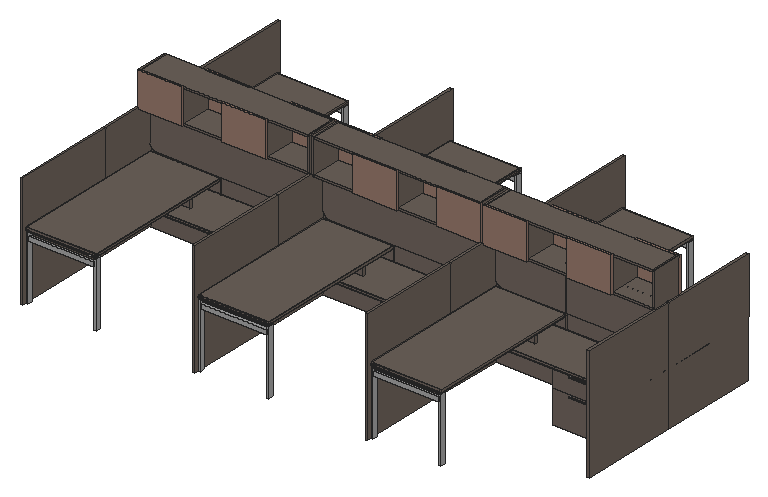
Revit family "T200204", category Furniture, Revit 2018
Family settings
  OmniClass Number = 23.40.20.00
  OmniClass Title = General Furniture and Specialties
  Work Plane-Based = No
  Always vertical = Yes
  Cut with Voids When Loaded = No
  Shared = No
  Room Calculation Point = No
Reference planes (in)
  plane 1 "Center Front/Back": y = 0
  plane 2: z = 0
  plane 3 "Center Left/Right": x = 0
Dimensions and locks (in)
  aligned and locked: level to plane 2
Nested families (in)
  nested 1: "STAKS SPINE OR DIVIDER WALL 48in" at (-97.47357, 0.33365, 0), type "STAKS SPINE OR DIVIDER WALL 48in X 30in"
    with Height Above Floor 4' - 0"
  nested 2: "STAKS SPINE OR DIVIDER WALL 48in" at (-67.47357, 0.33365, 0), type "STAKS SPINE OR DIVIDER WALL 48in X 42in"
    with Height Above Floor 4' - 0"
  nested 3: "STAKS SPINE OR DIVIDER WALL 48in" at (-88.08493, 5.55498, 0) x (0, -1, 0) z (0, 0, 1), type "STAKS SPINE OR DIVIDER WALL 48in X 24in"
    with Height Above Floor 4' - 0"
  nested 4: "STAKS SPINE OR DIVIDER WALL 48in" at (-88.08493, -9.55498, 0) x (0, 1, 0) z (0, 0, 1), type "STAKS SPINE OR DIVIDER WALL 48in X 24in"
    with Height Above Floor 4' - 0"
  nested 5: "STAKS SPINE OR DIVIDER WALL 48in" at (-24.47357, 0.33365, 0), type "STAKS SPINE OR DIVIDER WALL 48in X 30in"
    with Height Above Floor 4' - 0"
  nested 6: "STAKS SPINE OR DIVIDER WALL 48in" at (5.52643, 0.33365, 0), type "STAKS SPINE OR DIVIDER WALL 48in X 42in"
    with Height Above Floor 4' - 0"
  nested 7: "STAKS SPINE OR DIVIDER WALL 48in" at (-15.08493, 5.55498, 0) x (0, -1, 0) z (0, 0, 1), type "STAKS SPINE OR DIVIDER WALL 48in X 24in"
    with Height Above Floor 4' - 0"
  nested 8: "STAKS SPINE OR DIVIDER WALL 48in" at (-15.08493, -9.55498, 0) x (0, 1, 0) z (0, 0, 1), type "STAKS SPINE OR DIVIDER WALL 48in X 24in"
    with Height Above Floor 4' - 0"
  nested 9: "STAKS SPINE OR DIVIDER WALL 48in" at (48.52643, 0.33365, 0), type "STAKS SPINE OR DIVIDER WALL 48in X 30in"
    with Height Above Floor 4' - 0"
  nested 10: "STAKS SPINE OR DIVIDER WALL 48in" at (78.52643, 0.33365, 0), type "STAKS SPINE OR DIVIDER WALL 48in X 42in"
    with Height Above Floor 4' - 0"
  nested 11: "STAKS SPINE OR DIVIDER WALL 48in" at (57.91507, 5.55498, 0) x (0, -1, 0) z (0, 0, 1), type "STAKS SPINE OR DIVIDER WALL 48in X 24in"
    with Height Above Floor 4' - 0"
  nested 12: "STAKS SPINE OR DIVIDER WALL 48in" at (57.91507, -9.55498, 0) x (0, 1, 0) z (0, 0, 1), type "STAKS SPINE OR DIVIDER WALL 48in X 24in"
    with Height Above Floor 4' - 0"
  nested 13: "STAKS SPINE OR DIVIDER WALL 48in" at (126.24776, -9.55498, 0) x (0, 1, 0) z (0, 0, 1), type "STAKS SPINE OR DIVIDER WALL 48in X 42in"
    with Height Above Floor 4' - 0"
  nested 14: "STAKS SPINE OR DIVIDER WALL 48in" at (126.24776, 5.55498, 0) x (0, -1, 0) z (0, 0, 1), type "STAKS SPINE OR DIVIDER WALL 48in X 42in"
    with Height Above Floor 4' - 0"
  nested 15: "STAKS RECTANGULAR WORKSURFACES Long Grain" at (-97.47357, -0.66635, -6), type "STAKS RECTANGULAR WORKSURFACE 72 x 22"
    with Height Above Floor 2' - 5"
  nested 16: "STAKS RECTANGULAR WORKSURFACES Long Grain" at (-24.47357, -0.66635, -6), type "STAKS RECTANGULAR WORKSURFACE 72 x 22"
    with Height Above Floor 2' - 5"
  nested 17: "STAKS RECTANGULAR WORKSURFACES Long Grain" at (48.52643, -0.66635, -6), type "STAKS RECTANGULAR WORKSURFACE 72 x 22"
    with Height Above Floor 2' - 5"
  nested 18: "STAKS RECTANGULAR WORKSURFACES Worksurface Height" at (-91.75224, -76.05498, 0) x (0, 1, 0) z (0, 0, 1), type "STAKS RECTANGULAR WORKSURFACE 66 x 30"
    with Height Above Floor 2' - 5"
  nested 19: "STAKS SPINE OR DIVIDER WALL 48in" at (-88.08493, -18.44502, 0) x (0, -1, 0) z (0, 0, 1), type "STAKS SPINE OR DIVIDER WALL 48in X 44in"
    with Height Above Floor 4' - 0"
  nested 20: "STAKS SPINE OR DIVIDER WALL 48in" at (-88.08493, 73.55498, 0) x (0, -1, 0) z (0, 0, 1), type "STAKS SPINE OR DIVIDER WALL 48in X 44in"
    with Height Above Floor 4' - 0"
  nested 21: "STAKS SPINE OR DIVIDER WALL 48in" at (-15.08493, -18.44502, 0) x (0, -1, 0) z (0, 0, 1), type "STAKS SPINE OR DIVIDER WALL 48in X 44in"
    with Height Above Floor 4' - 0"
  nested 22: "STAKS SPINE OR DIVIDER WALL 48in" at (-15.08493, 73.55498, 0) x (0, -1, 0) z (0, 0, 1), type "STAKS SPINE OR DIVIDER WALL 48in X 44in"
    with Height Above Floor 4' - 0"
  nested 23: "STAKS SPINE OR DIVIDER WALL 48in" at (57.91507, -18.44502, 0) x (0, -1, 0) z (0, 0, 1), type "STAKS SPINE OR DIVIDER WALL 48in X 44in"
    with Height Above Floor 4' - 0"
  nested 24: "STAKS SPINE OR DIVIDER WALL 48in" at (57.91507, 73.55498, 0) x (0, -1, 0) z (0, 0, 1), type "STAKS SPINE OR DIVIDER WALL 48in X 44in"
    with Height Above Floor 4' - 0"
  nested 25: "STAKS 15H SHARED ORGANIZER Two Openings Alternated" at (-80.97357, 6.47122, 0), type "STAKS 15H SHARED ORGANIZER Two Openings Alternated 72in W"
    with Height Above Floor 5' - 2 1/2"
  nested 26: "STAKS 15H SHARED ORGANIZER Two Openings Alternated" at (46.1364, 6.47122, 0) x (-1, 0, 0) z (0, 0, 1), type "STAKS 15H SHARED ORGANIZER Two Openings Alternated 72in W"
    with Height Above Floor 5' - 2 1/2"
  nested 27: "STAKS 15H SHARED ORGANIZER Two Openings Alternated" at (65.02643, 6.47122, 0), type "STAKS 15H SHARED ORGANIZER Two Openings Alternated 72in W"
    with Height Above Floor 5' - 2 1/2"
  nested 28: "STAKS RECTANGULAR WORKSURFACES Worksurface Height" at (-18.75224, -76.05498, 0) x (0, 1, 0) z (0, 0, 1), type "STAKS RECTANGULAR WORKSURFACE 66 x 30"
    with Height Above Floor 2' - 5"
  nested 29: "STAKS RECTANGULAR WORKSURFACES Worksurface Height" at (54.24776, -76.05498, 0) x (0, 1, 0) z (0, 0, 1), type "STAKS RECTANGULAR WORKSURFACE 66 x 30"
    with Height Above Floor 2' - 5"
  nested 30: "STAKS RECTANGULAR WORKSURFACES Long Grain" at (-97.47357, -3.33365, -6), type "STAKS RECTANGULAR WORKSURFACE 72 x 22"
    with Height Above Floor 2' - 5"
  nested 31: "STAKS RECTANGULAR WORKSURFACES Long Grain" at (-24.47357, -3.33365, -6), type "STAKS RECTANGULAR WORKSURFACE 72 x 22"
    with Height Above Floor 2' - 5"
  nested 32: "STAKS RECTANGULAR WORKSURFACES Long Grain" at (48.52643, -3.33365, -6), type "STAKS RECTANGULAR WORKSURFACE 72 x 22"
    with Height Above Floor 2' - 5"
  nested 33: "STAKS RECTANGULAR WORKSURFACES Worksurface Height" at (-91.75224, 72.05498, 0) x (0, -1, 0) z (0, 0, 1), type "STAKS RECTANGULAR WORKSURFACE 66 x 30"
    with Height Above Floor 2' - 5"
  nested 34: "STAKS RECTANGULAR WORKSURFACES Worksurface Height" at (-18.75224, 72.05498, 0) x (0, -1, 0) z (0, 0, 1), type "STAKS RECTANGULAR WORKSURFACE 66 x 30"
    with Height Above Floor 2' - 5"
  nested 35: "STAKS RECTANGULAR WORKSURFACES Worksurface Height" at (54.24776, 72.05498, 0) x (0, -1, 0) z (0, 0, 1), type "STAKS RECTANGULAR WORKSURFACE 66 x 30"
    with Height Above Floor 2' - 5"
  nested 36: "STAKS FABRIC TACKBOARD WITH ROUNDED CORNERS FOR SPINE OR DIVIDER WALL" at (-97.47357, -0.66635, 0), type "STAKS FABRIC TACKBOARD WITH ROUNDED CORNERS FOR SPINE OR DIVIDER WALL 18H x 49-73.9375W"
    with Height Above Floor 3' - 11 1/2", Width 6' - 0"
  nested 37: "STAKS LOW HEIGHT PEDESTAL WIDE - BOX-FILE - NO RISER SUPPORT" at (-53.97711, -22.50035, 0), type "STAKS LOW HEIGHT PEDESTAL WIDE - BOX-FILE - NO RISER SUPPORT 30in W x 22in D"
  nested 38: "STAKS RISER SUPPORT PANELS P _ T SHAPED" at (-63.5533, -28.34584, 0) x (0, -1, 0) z (0, 0, 1), type "STAKS RISER SUPPORT PANEL T SHAPE 26 X 9.5"
  nested 39: "STAKS SUPPORT H LEG" at (-77.54324, -51, 0) x (0, 1, 0) z (0, 0, 1), type "STAKS SUPPORT H LEG 30"
  nested 40: "STAKS FABRIC TACKBOARD WITH ROUNDED CORNERS FOR SPINE OR DIVIDER WALL" at (-24.47357, -0.66635, 0), type "STAKS FABRIC TACKBOARD WITH ROUNDED CORNERS FOR SPINE OR DIVIDER WALL 18H x 49-73.9375W"
    with Height Above Floor 3' - 11 1/2", Width 6' - 0"
  nested 41: "STAKS LOW HEIGHT PEDESTAL WIDE - BOX-FILE - NO RISER SUPPORT" at (19.02289, -22.50035, 0), type "STAKS LOW HEIGHT PEDESTAL WIDE - BOX-FILE - NO RISER SUPPORT 30in W x 22in D"
  nested 42: "STAKS RISER SUPPORT PANELS P _ T SHAPED" at (9.4467, -28.34584, 0) x (0, -1, 0) z (0, 0, 1), type "STAKS RISER SUPPORT PANEL T SHAPE 26 X 9.5"
  nested 43: "STAKS SUPPORT H LEG" at (-4.54324, -51, 0) x (0, 1, 0) z (0, 0, 1), type "STAKS SUPPORT H LEG 30"
  nested 44: "STAKS FABRIC TACKBOARD WITH ROUNDED CORNERS FOR SPINE OR DIVIDER WALL" at (48.40143, -0.66635, 0), type "STAKS FABRIC TACKBOARD WITH ROUNDED CORNERS FOR SPINE OR DIVIDER WALL 18H x 49-73.9375W"
    with Height Above Floor 3' - 11 1/2", Width 6' - 0"
  nested 45: "STAKS LOW HEIGHT PEDESTAL WIDE - BOX-FILE - NO RISER SUPPORT" at (91.89789, -22.50035, 0), type "STAKS LOW HEIGHT PEDESTAL WIDE - BOX-FILE - NO RISER SUPPORT 30in W x 22in D"
  nested 46: "STAKS RISER SUPPORT PANELS P _ T SHAPED" at (82.3217, -28.34584, 0) x (0, -1, 0) z (0, 0, 1), type "STAKS RISER SUPPORT PANEL T SHAPE 26 X 9.5"
  nested 47: "STAKS SUPPORT H LEG" at (68.33176, -51, 0) x (0, 1, 0) z (0, 0, 1), type "STAKS SUPPORT H LEG 30"
  nested 48: "STAKS FABRIC TACKBOARD WITH ROUNDED CORNERS FOR SPINE OR DIVIDER WALL" at (-97.47357, -3.33365, 0), type "STAKS FABRIC TACKBOARD WITH ROUNDED CORNERS FOR SPINE OR DIVIDER WALL 18H x 49-73.9375W"
    with Height Above Floor 3' - 11 1/2", Width 6' - 0"
  nested 49: "STAKS LOW HEIGHT PEDESTAL WIDE - BOX-FILE - NO RISER SUPPORT" at (-53.97711, 18.50035, 0), type "STAKS LOW HEIGHT PEDESTAL WIDE - BOX-FILE - NO RISER SUPPORT 30in W x 22in D"
  nested 50: "STAKS RISER SUPPORT PANELS P _ T SHAPED" at (-63.5533, 24.34584, 0) x (0, 1, 0) z (0, 0, 1), type "STAKS RISER SUPPORT PANEL T SHAPE 26 X 9.5"
  nested 51: "STAKS SUPPORT H LEG" at (-77.54324, 47, 0) x (0, -1, 0) z (0, 0, 1), type "STAKS SUPPORT H LEG 30"
  nested 52: "STAKS FABRIC TACKBOARD WITH ROUNDED CORNERS FOR SPINE OR DIVIDER WALL" at (-24.47357, -3.33365, 0), type "STAKS FABRIC TACKBOARD WITH ROUNDED CORNERS FOR SPINE OR DIVIDER WALL 18H x 49-73.9375W"
    with Height Above Floor 3' - 11 1/2", Width 6' - 0"
  nested 53: "STAKS LOW HEIGHT PEDESTAL WIDE - BOX-FILE - NO RISER SUPPORT" at (19.02289, 18.50035, 0), type "STAKS LOW HEIGHT PEDESTAL WIDE - BOX-FILE - NO RISER SUPPORT 30in W x 22in D"
  nested 54: "STAKS RISER SUPPORT PANELS P _ T SHAPED" at (9.4467, 24.34584, 0) x (0, 1, 0) z (0, 0, 1), type "STAKS RISER SUPPORT PANEL T SHAPE 26 X 9.5"
  nested 55: "STAKS SUPPORT H LEG" at (-4.54324, 47, 0) x (0, -1, 0) z (0, 0, 1), type "STAKS SUPPORT H LEG 30"
  nested 56: "STAKS FABRIC TACKBOARD WITH ROUNDED CORNERS FOR SPINE OR DIVIDER WALL" at (48.40143, -3.33365, 0), type "STAKS FABRIC TACKBOARD WITH ROUNDED CORNERS FOR SPINE OR DIVIDER WALL 18H x 49-73.9375W"
    with Height Above Floor 3' - 11 1/2", Width 6' - 0"
  nested 57: "STAKS LOW HEIGHT PEDESTAL WIDE - BOX-FILE - NO RISER SUPPORT" at (91.89789, 18.50035, 0), type "STAKS LOW HEIGHT PEDESTAL WIDE - BOX-FILE - NO RISER SUPPORT 30in W x 22in D"
  nested 58: "STAKS RISER SUPPORT PANELS P _ T SHAPED" at (82.3217, 24.34584, 0) x (0, 1, 0) z (0, 0, 1), type "STAKS RISER SUPPORT PANEL T SHAPE 26 X 9.5"
  nested 59: "STAKS SUPPORT H LEG" at (68.33176, 47, 0) x (0, -1, 0) z (0, 0, 1), type "STAKS SUPPORT H LEG 30"
Definition of nested family "STAKS SPINE OR DIVIDER WALL 48in"
  Parameters (values of type "STAKS SPINE OR DIVIDER WALL 48in X 24in")
    URL = "http://www.ofs.com/"
    Height Above Floor [instance] = 4' - 0"
    Height = 4' - 0"
    Depth = 0' - 1"
    Model = "6-PAN-48/24"
    Manufacturer = "OFS"
    Description = "OFS STAKS SPINE OR DIVIDER WALL 48\" Height x 24\" Width, Levelers allow 2.5\" Height Adjustability for Uneven Floor"
    Width = 2' - 0"
    Copyright © = "© 2018 OFS"
    Catalog = "https://ofs.com/products/casegoods/private-office/staks"
    Authoring Version = "Autodesk Revit Architecture 2013"
    Assembly Code = "E2020200"
  Types (19): name | Model | Description | Width
    STAKS SPINE OR DIVIDER WALL 48in X 24in | "6-PAN-48/24" | "OFS STAKS SPINE OR DIVIDER WALL 48\" Height x 24\" Width, Levelers allow 2.5\" Height Adjustability for Uneven Floor" | 2' - 0"
    STAKS SPINE OR DIVIDER WALL 48in X 33in | "6-PAN-48/33" | "OFS STAKS SPINE OR DIVIDER WALL 48\" Height x 33\" Width, Levelers allow 2.5\" Height Adjustability for Uneven Floor" | 2' - 9"
    STAKS SPINE OR DIVIDER WALL 48in X 26in | "6-PAN-48/26" | "OFS STAKS SPINE OR DIVIDER WALL 48\" Height x 26\" Width, Levelers allow 2.5\" Height Adjustability for Uneven Floor" | 2' - 2"
    STAKS SPINE OR DIVIDER WALL 48in X 30in | "6-PAN-48/30" | "OFS STAKS SPINE OR DIVIDER WALL 48\" Height x 30\" Width, Levelers allow 2.5\" Height Adjustability for Uneven Floor" | 2' - 6"
    STAKS SPINE OR DIVIDER WALL 48in X 36in | "6-PAN-48/36" | "OFS STAKS SPINE OR DIVIDER WALL 48\" Height x 36\" Width, Levelers allow 2.5\" Height Adjustability for Uneven Floor" | 3' - 0"
    STAKS SPINE OR DIVIDER WALL 48in X 37in | "6-PAN-48/37" | "OFS STAKS SPINE OR DIVIDER WALL 48\" Height x 37\" Width, Levelers allow 2.5\" Height Adjustability for Uneven Floor" | 3' - 1"
    STAKS SPINE OR DIVIDER WALL 48in X 39in | "6-PAN-48/39" | "OFS STAKS SPINE OR DIVIDER WALL 48\" Height x 39\" Width, Levelers allow 2.5\" Height Adjustability for Uneven Floor" | 3' - 3"
    STAKS SPINE OR DIVIDER WALL 48in X 40in | "6-PAN-48/40" | "OFS STAKS SPINE OR DIVIDER WALL 48\" Height x 40\" Width, Levelers allow 2.5\" Height Adjustability for Uneven Floor" | 3' - 4"
    STAKS SPINE OR DIVIDER WALL 48in X 42in | "6-PAN-48/42" | "OFS STAKS SPINE OR DIVIDER WALL 48\" Height x 42\" Width, Levelers allow 2.5\" Height Adjustability for Uneven Floor" | 3' - 6"
    STAKS SPINE OR DIVIDER WALL 48in X 44in | "6-PAN-48/44" | "OFS STAKS SPINE OR DIVIDER WALL 48\" Height x 44\" Width, Levelers allow 2.5\" Height Adjustability for Uneven Floor" | 3' - 8"
    STAKS SPINE OR DIVIDER WALL 48in X 45in | "6-PAN-48/45" | "OFS STAKS SPINE OR DIVIDER WALL 48\" Height x 45\" Width, Levelers allow 2.5\" Height Adjustability for Uneven Floor" | 3' - 9"
    STAKS SPINE OR DIVIDER WALL 48in X 47in | "6-PAN-48/47" | "OFS STAKS SPINE OR DIVIDER WALL 48\" Height x 47\" Width, Levelers allow 2.5\" Height Adjustability for Uneven Floor" | 3' - 11"
    STAKS SPINE OR DIVIDER WALL 48in X 48in | "6-PAN-48/48" | "OFS STAKS SPINE OR DIVIDER WALL 48\" Height x 48\" Width, Levelers allow 2.5\" Height Adjustability for Uneven Floor" | 4' - 0"
    STAKS SPINE OR DIVIDER WALL 48in X 49in | "6-PAN-48/49" | "OFS STAKS SPINE OR DIVIDER WALL 48\" Height x 49\" Width, Levelers allow 2.5\" Height Adjustability for Uneven Floor" | 4' - 1"
    STAKS SPINE OR DIVIDER WALL 48in X 52in | "6-PAN-48/52" | "OFS STAKS SPINE OR DIVIDER WALL 48\" Height x 52\" Width, Levelers allow 2.5\" Height Adjustability for Uneven Floor" | 4' - 4"
    STAKS SPINE OR DIVIDER WALL 48in X 54in | "6-PAN-48/54" | "OFS STAKS SPINE OR DIVIDER WALL 48\" Height x 54\" Width, Levelers allow 2.5\" Height Adjustability for Uneven Floor" | 4' - 6"
    STAKS SPINE OR DIVIDER WALL 48in X 56in | "6-PAN-48/56" | "OFS STAKS SPINE OR DIVIDER WALL 48\" Height x 56\" Width, Levelers allow 2.5\" Height Adjustability for Uneven Floor" | 4' - 8"
    STAKS SPINE OR DIVIDER WALL 48in X 58in | "6-PAN-48/58" | "OFS STAKS SPINE OR DIVIDER WALL 48\" Height x 58\" Width, Levelers allow 2.5\" Height Adjustability for Uneven Floor" | 4' - 10"
    STAKS SPINE OR DIVIDER WALL 48in X 59in | "6-PAN-48/59" | "OFS STAKS SPINE OR DIVIDER WALL 48\" Height x 59\" Width, Levelers allow 2.5\" Height Adjustability for Uneven Floor" | 4' - 11"
  Reference planes (in)
    plane 1: z = -0.125
    plane 2 "LEFT": x = 7.55498
    plane 3 "RIGHT": x = 31.55498
    plane 4 "BACK": y = -1.83365
    plane 5 "FRONT": y = -2.83365
    plane 6: x = 7.67998
    plane 7: x = 31.42998
    plane 8: y = -1.95865
    plane 9: y = -2.70865
    plane 10: z = -0.125
    plane 11 "SURFACE TOP": z = 47.875
  Forms (in)
    Extrusion 1, solid
      sketch origin (0, 0, 17.125) x (-1, 0, 0) y (0, -1, 0)
        loop
          line (-7.55498, 1.83365) -> (-7.55498, 2.83365) -> (-31.55498, 2.83365) -> (-31.55498, 1.83365) -> (-7.55498, 1.83365)
      from 30.75 to -17.25
  Lines and regions (in)
    symbolic lines
      curve 1: line (7.55498, -1.83365, 47.875) -> (31.55498, -1.83365, 47.875)
      curve 2: line (7.55498, -2.83365, 47.875) -> (7.55498, -1.83365, 47.875)
      curve 3: line (31.55498, -2.83365, 47.875) -> (7.55498, -2.83365, 47.875)
      curve 4: line (31.55498, -1.83365, 47.875) -> (31.55498, -2.83365, 47.875)
  Dimensions and locks (in)
    "Depth": plane 4 "BACK" to plane 5 "FRONT"
    "Width": plane 2 "LEFT" to plane 3 "RIGHT"
    "Height": plane 11 "SURFACE TOP" to plane 10
    locked: plane 4 "BACK" to plane 8 at 0.125
    locked: plane 2 "LEFT" to plane 6 at 0.125
    locked: plane 7 to plane 3 "RIGHT" at 0.125
    locked: plane 9 to plane 5 "FRONT" at 0.125
    "Height Above Floor": plane 11 "SURFACE TOP" to level
    aligned: level to plane 1
    aligned and locked: plane 11 "SURFACE TOP" to Extrusion 1
    aligned and locked: Extrusion 1 to plane 10
    aligned and locked: plane 4 "BACK" to Extrusion 1 sketch curve
    aligned and locked: Extrusion 1 sketch curve to plane 2 "LEFT"
    aligned and locked: Extrusion 1 sketch curve to plane 5 "FRONT"
    aligned and locked: plane 3 "RIGHT" to Extrusion 1 sketch curve
    aligned and locked: curve 1 to Extrusion 1
    aligned and locked: curve 2 to Extrusion 1
    aligned and locked: curve 3 to Extrusion 1
    aligned and locked: curve 4 to Extrusion 1
Definition of nested family "STAKS RECTANGULAR WORKSURFACES Long Grain"
  Parameters (values of type "STAKS RECTANGULAR WORKSURFACE 15.625 x 22")
    URL = "http://www.ofs.com/"
    Height Above Floor [instance] = 2' - 5"
    Height = 0' - 1 1/8"
    Depth = 1' - 10"
    Model = "6-MCT-15.625/22"
    Manufacturer = "OFS"
    Description = "OFS STAKS 15.625 X 22 RECTANGULAR WORKSURFACE For Worksurface or Low Height Applications, Long Grain"
    Width = 1' - 3 5/8"
    Copyright © = "© 2018 OFS"
    Catalog = "https://ofs.com/products/casegoods/private-office/staks"
    Authoring Version = "Autodesk Revit Architecture 2013"
    Assembly Code = "E2020200"
  Types (26): name | Model | Description | Width
    STAKS RECTANGULAR WORKSURFACE 15.625 x 22 | "6-MCT-15.625/22" | "OFS STAKS 15.625 X 22 RECTANGULAR WORKSURFACE For Worksurface or Low Height Applications, Long Grain" | 1' - 3 5/8"
    STAKS RECTANGULAR WORKSURFACE 24 x 22 | "6-MCT-24/22" | "OFS STAKS 24 X 22 RECTANGULAR WORKSURFACE For Worksurface or Low Height Applications, Long Grain" | 2' - 0"
    STAKS RECTANGULAR WORKSURFACE 30 x 22 | "6-MCT-30/22" | "OFS STAKS 30 X 22 RECTANGULAR WORKSURFACE For Worksurface or Low Height Applications, Long Grain" | 2' - 6"
    STAKS RECTANGULAR WORKSURFACE 34 x 22 | "6-MCT-34/22" | "OFS STAKS 34 X 22 RECTANGULAR WORKSURFACE For Worksurface or Low Height Applications, Long Grain" | 2' - 10"
    STAKS RECTANGULAR WORKSURFACE 36 x 22 | "6-MCT-36/22" | "OFS STAKS 36 X 22 RECTANGULAR WORKSURFACE For Worksurface or Low Height Applications, Long Grain" | 3' - 0"
    STAKS RECTANGULAR WORKSURFACE 42 x 22 | "6-MCT-42/22" | "OFS STAKS 42 X 22 RECTANGULAR WORKSURFACE For Worksurface or Low Height Applications, Long Grain" | 3' - 6"
    STAKS RECTANGULAR WORKSURFACE 46 x 22 | "6-MCT-46/22" | "OFS STAKS 46 X 22 RECTANGULAR WORKSURFACE For Worksurface or Low Height Applications, Long Grain" | 3' - 10"
    STAKS RECTANGULAR WORKSURFACE 48 x 22 | "6-MCT-48/22" | "OFS STAKS 48 X 22 RECTANGULAR WORKSURFACE For Worksurface or Low Height Applications, Long Grain" | 4' - 0"
    STAKS RECTANGULAR WORKSURFACE 48.5 x 22 | "6-MCT-48.5/22" | "OFS STAKS 48.5 X 22 RECTANGULAR WORKSURFACE For Worksurface or Low Height Applications, Long Grain" | 4' - 0 1/2"
    STAKS RECTANGULAR WORKSURFACE 54 x 22 | "6-MCT-54/22" | "OFS STAKS 54 X 22 RECTANGULAR WORKSURFACE For Worksurface or Low Height Applications, Long Grain" | 4' - 6"
    STAKS RECTANGULAR WORKSURFACE 55.5 x 22 | "6-MCT-55.5/22" | "OFS STAKS 55.5 X 22 RECTANGULAR WORKSURFACE For Worksurface or Low Height Applications, Long Grain" | 4' - 7 1/2"
    STAKS RECTANGULAR WORKSURFACE 59 x 22 | "6-MCT-59/22" | "OFS STAKS 59 X 22 RECTANGULAR WORKSURFACE For Worksurface or Low Height Applications, Long Grain" | 4' - 11"
    STAKS RECTANGULAR WORKSURFACE 60 x 22 | "6-MCT-60/22" | "OFS STAKS 60 X 22 RECTANGULAR WORKSURFACE For Worksurface or Low Height Applications, Long Grain" | 5' - 0"
    STAKS RECTANGULAR WORKSURFACE 64 x 22 | "6-MCT-64/22" | "OFS STAKS 64 X 22 RECTANGULAR WORKSURFACE For Worksurface or Low Height Applications, Long Grain" | 5' - 4"
    STAKS RECTANGULAR WORKSURFACE 66 x 22 | "6-MCT-66/22" | "OFS STAKS 66 X 22 RECTANGULAR WORKSURFACE For Worksurface or Low Height Applications, Long Grain" | 5' - 6"
    STAKS RECTANGULAR WORKSURFACE 69.625 x 22 | "6-MCT-69.625/22" | "OFS STAKS 69.625 X 22 RECTANGULAR WORKSURFACE For Worksurface or Low Height Applications, Long Grain" | 5' - 9 5/8"
    STAKS RECTANGULAR WORKSURFACE 70.5 x 22 | "6-MCT-70.5/22" | "OFS STAKS 70.5 X 22 RECTANGULAR WORKSURFACE For Worksurface or Low Height Applications, Long Grain" | 5' - 10 1/2"
    STAKS RECTANGULAR WORKSURFACE 72 x 22 | "6-MCT-72/22" | "OFS STAKS 72 X 22 RECTANGULAR WORKSURFACE For Worksurface or Low Height Applications, Long Grain" | 6' - 0"
    STAKS RECTANGULAR WORKSURFACE 74 x 22 | "6-MCT-74/22" | "OFS STAKS 74 X 22 RECTANGULAR WORKSURFACE For Worksurface or Low Height Applications, Long Grain" | 6' - 2"
    STAKS RECTANGULAR WORKSURFACE 78 x 22 | "6-MCT-78/22" | "OFS STAKS 78 X 22 RECTANGULAR WORKSURFACE For Worksurface or Low Height Applications, Long Grain" | 6' - 6"
    STAKS RECTANGULAR WORKSURFACE 82.5 x 22 | "6-MCT-82.5/22" | "OFS STAKS 82.5 X 22 RECTANGULAR WORKSURFACE For Worksurface or Low Height Applications, Long Grain" | 6' - 10 1/2"
    STAKS RECTANGULAR WORKSURFACE 84 x 22 | "6-MCT-84/22" | "OFS STAKS 84 X 22 RECTANGULAR WORKSURFACE For Worksurface or Low Height Applications, Long Grain" | 7' - 0"
    STAKS RECTANGULAR WORKSURFACE 87.625 x 22 | "6-MCT-87.625/22" | "OFS STAKS 87.625 X 22 RECTANGULAR WORKSURFACE For Worksurface or Low Height Applications, Long Grain" | 7' - 3 5/8"
    STAKS RECTANGULAR WORKSURFACE 90 x 22 | "6-MCT-90/22" | "OFS STAKS 90 X 22 RECTANGULAR WORKSURFACE For Worksurface or Low Height Applications, Long Grain" | 7' - 6"
    STAKS RECTANGULAR WORKSURFACE 94 x 22 | "6-MCT-94/22" | "OFS STAKS 94 X 22 RECTANGULAR WORKSURFACE For Worksurface or Low Height Applications, Long Grain" | 7' - 10"
    STAKS RECTANGULAR WORKSURFACE 96 x 22 | "6-MCT-96/22" | "OFS STAKS 96 X 22 RECTANGULAR WORKSURFACE For Worksurface or Low Height Applications, Long Grain" | 8' - 0"
  Reference planes (in)
    plane 1: z = -0.125
    plane 2 "LEFT": x = 7.55498
    plane 3 "RIGHT": x = 23.17998
    plane 4 "BACK": y = -1.83365
    plane 5 "FRONT": y = -23.83365
    plane 6: x = 7.67998
    plane 7: x = 23.05498
    plane 8: y = -1.95865
    plane 9: y = -23.70865
    plane 10: z = 27.75
    plane 11 "SURFACE TOP": z = 28.875
  Forms (in)
    Extrusion 1, solid
      sketch origin (0, 0, 17.125) x (-1, 0, 0) y (0, -1, 0)
        loop
          line (-7.67998, 1.95865) -> (-7.67998, 23.70865) -> (-23.05498, 23.70865) -> (-23.05498, 1.95865) -> (-7.67998, 1.95865)
      from 11.75 to 10.625
    Sweep 2, solid
      path origin (0, 0, 28.875) x (0, 1, 0) y (-1, 0, 0)
        loop
          line (-23.83365, -7.55498) -> (-23.83365, -23.17998) -> (-1.83365, -23.17998) -> (-1.83365, -7.55498) -> (-23.83365, -7.55498)
      profile origin (15.36748, -23.83365, 28.875) x (0, 1, 0) y (0, 0, 1)
        loop
          arc (0.125, 0) -> (0.03661, -0.03661) -> (0, -0.125) r 0.125
          line (0, -0.125) -> (0, -1)
          arc (0, -1) -> (0.03661, -1.08839) -> (0.125, -1.125) r 0.125
          line (0.125, -1.125) -> (0.125, 0)
  Lines and regions (in)
    Masking region 1
      outline origin (0, 0, 16.625) x (-1, 0, 0) y (0, -1, 0)
        loop
          line (-7.67998, 1.95865) -> (-7.55498, 1.83365) -> (-7.55498, 23.83365) -> (-7.67998, 23.70865) -> (-7.67998, 1.95865)
    Masking region 2
      outline origin (0, 0, 16.625) x (-1, 0, 0) y (0, -1, 0)
        loop
          line (-7.55498, 1.83365) -> (-7.67998, 1.95865) -> (-23.05498, 1.95865) -> (-23.17998, 1.83365) -> (-7.55498, 1.83365)
    Masking region 3
      outline origin (0, 0, 16.625) x (-1, 0, 0) y (0, -1, 0)
        loop
          line (-23.17998, 1.83365) -> (-23.05498, 1.95865) -> (-23.05498, 23.70865) -> (-23.17998, 23.83365) -> (-23.17998, 1.83365)
    Masking region 4
      outline origin (0, 0, 16.625) x (-1, 0, 0) y (0, -1, 0)
        loop
          line (-23.17998, 23.83365) -> (-23.05498, 23.70865) -> (-7.67998, 23.70865) -> (-7.55498, 23.83365) -> (-23.17998, 23.83365)
    Masking region 5
      outline origin (0, 0, 16.625) x (-1, 0, 0) y (0, -1, 0)
        loop
          line (-23.05498, 23.70865) -> (-23.05498, 1.95865) -> (-7.67998, 1.95865) -> (-7.67998, 23.70865) -> (-23.05498, 23.70865)
  Dimensions and locks (in)
    "Depth": plane 4 "BACK" to plane 5 "FRONT"
    "Width": plane 2 "LEFT" to plane 3 "RIGHT"
    "Height": plane 11 "SURFACE TOP" to plane 10
    locked: plane 4 "BACK" to plane 8 at 0.125
    locked: plane 2 "LEFT" to plane 6 at 0.125
    locked: plane 7 to plane 3 "RIGHT" at 0.125
    locked: plane 9 to plane 5 "FRONT" at 0.125
    "Height Above Floor": plane 11 "SURFACE TOP" to level
    aligned: level to plane 1
    aligned and locked: plane 8 to Extrusion 1 sketch curve
    aligned and locked: Extrusion 1 sketch curve to plane 6
    aligned and locked: Extrusion 1 sketch curve to plane 9
    aligned and locked: plane 7 to Extrusion 1 sketch curve
    aligned and locked: plane 11 "SURFACE TOP" to Extrusion 1
    aligned and locked: Extrusion 1 to plane 10
    aligned and locked: Sweep 2 sketch curve to plane 5 "FRONT"
    aligned and locked: Sweep 2 sketch curve to plane 2 "LEFT"
    aligned and locked: plane 4 "BACK" to Sweep 2 sketch curve
    aligned and locked: plane 3 "RIGHT" to Sweep 2 sketch curve
  Automatic sketch dimensions
    Masking region 1 sketch curve to plane 6 = 0' - 0"
    Masking region 1 sketch curve to plane 2 "LEFT" = 0' - 0"
    Masking region 1 sketch curve to plane 4 "BACK" = 0' - 0"
    Masking region 1 sketch curve to plane 8 = 0' - 0"
    Masking region 1 sketch curve to plane 9 = 0' - 0"
    Masking region 1 sketch curve to plane 5 "FRONT" = 0' - 0"
    Masking region 2 sketch curve to plane 3 "RIGHT" = 0' - 0"
    Masking region 2 sketch curve to plane 7 = 0' - 0"
    Masking region 2 sketch curve to plane 6 = 0' - 0"
    Masking region 2 sketch curve to plane 2 "LEFT" = 0' - 0"
    Masking region 2 sketch curve to plane 4 "BACK" = 0' - 0"
    Masking region 2 sketch curve to plane 8 = 0' - 0"
    Masking region 3 sketch curve to plane 3 "RIGHT" = 0' - 0"
    Masking region 3 sketch curve to plane 7 = 0' - 0"
    Masking region 3 sketch curve to plane 4 "BACK" = 0' - 0"
    Masking region 3 sketch curve to plane 8 = 0' - 0"
    Masking region 3 sketch curve to plane 9 = 0' - 0"
    Masking region 3 sketch curve to plane 5 "FRONT" = 0' - 0"
    Masking region 4 sketch curve to plane 3 "RIGHT" = 0' - 0"
    Masking region 4 sketch curve to plane 7 = 0' - 0"
    Masking region 4 sketch curve to plane 6 = 0' - 0"
    Masking region 4 sketch curve to plane 2 "LEFT" = 0' - 0"
    Masking region 4 sketch curve to plane 9 = 0' - 0"
    Masking region 4 sketch curve to plane 5 "FRONT" = 0' - 0"
    Masking region 5 sketch curve to plane 7 = 0' - 0"
    Masking region 5 sketch curve to plane 6 = 0' - 0"
    Masking region 5 sketch curve to plane 8 = 0' - 0"
    Masking region 5 sketch curve to plane 9 = 0' - 0"
    Sweep 2 sketch curve to profile plane = 0' - 0"
    Sweep 2 sketch curve to plane 11 "SURFACE TOP" = 0' - 0"
    Sweep 2 sketch curve to profile plane = 0' - 0 1/8"
    Sweep 2 sketch curve to Sweep 2 sketch curve = 0' - 0 7/8"
Definition of nested family "STAKS RECTANGULAR WORKSURFACES Worksurface Height"
  Parameters (values of type "STAKS RECTANGULAR WORKSURFACE 54 x 30")
    URL = "http://www.ofs.com/"
    Height Above Floor [instance] = 2' - 5"
    Height = 0' - 1 1/8"
    Depth = 2' - 6"
    Model = "6-MCT-54/30"
    Manufacturer = "OFS"
    Description = "OFS STAKS 54\" X 30\" RECTANGULAR WORKSURFACE For Worksurface or Low Height Applications, Short Grain"
    Width = 4' - 6"
    Copyright © = "© 2018 OFS"
    Catalog = "https://ofs.com/products/casegoods/private-office/staks"
    Authoring Version = "Autodesk Revit Architecture 2013"
    Assembly Code = "E2020200"
  Types (12): name | Depth | Model | Description | Width
    STAKS RECTANGULAR WORKSURFACE 60 x 30 | 2' - 6" | "6-MCT-60/30" | "OFS STAKS 60\" X 30\" RECTANGULAR WORKSURFACE For Worksurface or Low Height Applications, Short Grain" | 5' - 0"
    STAKS RECTANGULAR WORKSURFACE 66 x 30 | 2' - 6" | "6-MCT-66/30" | "OFS STAKS 66\" X 30\" RECTANGULAR WORKSURFACE For Worksurface or Low Height Applications, Short Grain" | 5' - 6"
    STAKS RECTANGULAR WORKSURFACE 72 x 30 | 2' - 6" | "6-MCT-72/30" | "OFS STAKS 72\" X 30\" RECTANGULAR WORKSURFACE For Worksurface or Low Height Applications, Short Grain" | 6' - 0"
    STAKS RECTANGULAR WORKSURFACE 78 x 30 | 2' - 6" | "6-MCT-78/30" | "OFS STAKS 78\" X 30\" RECTANGULAR WORKSURFACE For Worksurface or Low Height Applications, Short Grain" | 6' - 6"
    STAKS RECTANGULAR WORKSURFACE 84 x 30 | 2' - 6" | "6-MCT-84/30" | "OFS STAKS 84\" X 30\" RECTANGULAR WORKSURFACE For Worksurface or Low Height Applications, Short Grain" | 7' - 0"
    STAKS RECTANGULAR WORKSURFACE 96 x 30 | 2' - 6" | "6-MCT-96/30" | "OFS STAKS 96\" X 30\" RECTANGULAR WORKSURFACE For Worksurface or Low Height Applications, Short Grain" | 8' - 0"
    STAKS RECTANGULAR WORKSURFACE 54 x 30 | 2' - 6" | "6-MCT-54/30" | "OFS STAKS 54\" X 30\" RECTANGULAR WORKSURFACE For Worksurface or Low Height Applications, Short Grain" | 4' - 6"
    STAKS RECTANGULAR WORKSURFACE 60 x 36 | 3' - 0" | "6-MCT-60/36" | "OFS STAKS 60\" X 36\" RECTANGULAR WORKSURFACE For Worksurface or Low Height Applications, Short Grain" | 5' - 0"
    STAKS RECTANGULAR WORKSURFACE 66 x 36 | 3' - 0" | "6-MCT-66/36" | "OFS STAKS 66\" X 36\" RECTANGULAR WORKSURFACE For Worksurface or Low Height Applications, Short Grain" | 5' - 6"
    STAKS RECTANGULAR WORKSURFACE 72 x 36 | 3' - 0" | "6-MCT-72/36" | "OFS STAKS 72\" X 36\" RECTANGULAR WORKSURFACE For Worksurface or Low Height Applications, Short Grain" | 6' - 0"
    STAKS RECTANGULAR WORKSURFACE 78 x 36 | 3' - 0" | "6-MCT-78/36" | "OFS STAKS 78\" X 36\" RECTANGULAR WORKSURFACE For Worksurface or Low Height Applications, Short Grain" | 6' - 6"
    STAKS RECTANGULAR WORKSURFACE 84 x 36 | 3' - 0" | "6-MCT-84/36" | "OFS STAKS 84\" X 36\" RECTANGULAR WORKSURFACE For Worksurface or Low Height Applications, Short Grain" | 7' - 0"
  Reference planes (in)
    plane 1: z = -0.125
    plane 2 "LEFT": x = 7.55498
    plane 3 "RIGHT": x = 61.55498
    plane 4 "BACK": y = -1.83365
    plane 5 "FRONT": y = -31.83365
    plane 6: x = 7.67998
    plane 7: x = 61.42998
    plane 8: y = -1.95865
    plane 9: y = -31.70865
    plane 10: z = 27.75
    plane 11 "SURFACE TOP": z = 28.875
  Forms (in)
    Extrusion 1, solid
      sketch origin (0, 0, 17.125) x (-1, 0, 0) y (0, -1, 0)
        loop
          line (-7.67998, 1.95865) -> (-7.67998, 31.70865) -> (-61.42998, 31.70865) -> (-61.42998, 1.95865) -> (-7.67998, 1.95865)
      from 11.75 to 10.625
    Sweep 2, solid
      path origin (0, 0, 28.875) x (0, 1, 0) y (-1, 0, 0)
        loop
          line (-31.83365, -7.55498) -> (-31.83365, -61.55498) -> (-1.83365, -61.55498) -> (-1.83365, -7.55498) -> (-31.83365, -7.55498)
      profile origin (34.55498, -31.83365, 28.875) x (0, 1, 0) y (0, 0, 1)
        loop
          arc (0.125, 0) -> (0.03661, -0.03661) -> (0, -0.125) r 0.125
          line (0, -0.125) -> (0, -1)
          arc (0, -1) -> (0.03661, -1.08839) -> (0.125, -1.125) r 0.125
          line (0.125, -1.125) -> (0.125, 0)
  Lines and regions (in)
    Masking region 1
      outline origin (0, 0, 16.625) x (-1, 0, 0) y (0, -1, 0)
        loop
          line (-7.67998, 1.95865) -> (-7.55498, 1.83365) -> (-7.55498, 31.83365) -> (-7.67998, 31.70865) -> (-7.67998, 1.95865)
    Masking region 2
      outline origin (0, 0, 16.625) x (-1, 0, 0) y (0, -1, 0)
        loop
          line (-7.55498, 1.83365) -> (-7.67998, 1.95865) -> (-61.42998, 1.95865) -> (-61.55498, 1.83365) -> (-7.55498, 1.83365)
    Masking region 3
      outline origin (0, 0, 16.625) x (-1, 0, 0) y (0, -1, 0)
        loop
          line (-61.55498, 1.83365) -> (-61.42998, 1.95865) -> (-61.42998, 31.70865) -> (-61.55498, 31.83365) -> (-61.55498, 1.83365)
    Masking region 4
      outline origin (0, 0, 16.625) x (-1, 0, 0) y (0, -1, 0)
        loop
          line (-61.55498, 31.83365) -> (-61.42998, 31.70865) -> (-7.67998, 31.70865) -> (-7.55498, 31.83365) -> (-61.55498, 31.83365)
    Masking region 5
      outline origin (0, 0, 16.625) x (-1, 0, 0) y (0, -1, 0)
        loop
          line (-61.42998, 31.70865) -> (-61.42998, 1.95865) -> (-7.67998, 1.95865) -> (-7.67998, 31.70865) -> (-61.42998, 31.70865)
  Dimensions and locks (in)
    "Depth": plane 4 "BACK" to plane 5 "FRONT"
    "Width": plane 2 "LEFT" to plane 3 "RIGHT"
    "Height": plane 11 "SURFACE TOP" to plane 10
    locked: plane 4 "BACK" to plane 8 at 0.125
    locked: plane 2 "LEFT" to plane 6 at 0.125
    locked: plane 7 to plane 3 "RIGHT" at 0.125
    locked: plane 9 to plane 5 "FRONT" at 0.125
    "Height Above Floor": plane 11 "SURFACE TOP" to level
    aligned: level to plane 1
    aligned and locked: plane 8 to Extrusion 1 sketch curve
    aligned and locked: Extrusion 1 sketch curve to plane 6
    aligned and locked: Extrusion 1 sketch curve to plane 9
    aligned and locked: plane 7 to Extrusion 1 sketch curve
    aligned and locked: plane 11 "SURFACE TOP" to Extrusion 1
    aligned and locked: Extrusion 1 to plane 10
    aligned and locked: Sweep 2 sketch curve to plane 5 "FRONT"
    aligned and locked: Sweep 2 sketch curve to plane 2 "LEFT"
    aligned and locked: plane 4 "BACK" to Sweep 2 sketch curve
    aligned and locked: plane 3 "RIGHT" to Sweep 2 sketch curve
  Automatic sketch dimensions
    Masking region 1 sketch curve to plane 6 = 0' - 0"
    Masking region 1 sketch curve to plane 2 "LEFT" = 0' - 0"
    Masking region 1 sketch curve to plane 4 "BACK" = 0' - 0"
    Masking region 1 sketch curve to plane 8 = 0' - 0"
    Masking region 1 sketch curve to plane 9 = 0' - 0"
    Masking region 1 sketch curve to plane 5 "FRONT" = 0' - 0"
    Masking region 2 sketch curve to plane 3 "RIGHT" = 0' - 0"
    Masking region 2 sketch curve to plane 7 = 0' - 0"
    Masking region 2 sketch curve to plane 6 = 0' - 0"
    Masking region 2 sketch curve to plane 2 "LEFT" = 0' - 0"
    Masking region 2 sketch curve to plane 4 "BACK" = 0' - 0"
    Masking region 2 sketch curve to plane 8 = 0' - 0"
    Masking region 3 sketch curve to plane 3 "RIGHT" = 0' - 0"
    Masking region 3 sketch curve to plane 7 = 0' - 0"
    Masking region 3 sketch curve to plane 4 "BACK" = 0' - 0"
    Masking region 3 sketch curve to plane 8 = 0' - 0"
    Masking region 3 sketch curve to plane 9 = 0' - 0"
    Masking region 3 sketch curve to plane 5 "FRONT" = 0' - 0"
    Masking region 4 sketch curve to plane 3 "RIGHT" = 0' - 0"
    Masking region 4 sketch curve to plane 7 = 0' - 0"
    Masking region 4 sketch curve to plane 6 = 0' - 0"
    Masking region 4 sketch curve to plane 2 "LEFT" = 0' - 0"
    Masking region 4 sketch curve to plane 9 = 0' - 0"
    Masking region 4 sketch curve to plane 5 "FRONT" = 0' - 0"
    Masking region 5 sketch curve to plane 7 = 0' - 0"
    Masking region 5 sketch curve to plane 6 = 0' - 0"
    Masking region 5 sketch curve to plane 8 = 0' - 0"
    Masking region 5 sketch curve to plane 9 = 0' - 0"
    Sweep 2 sketch curve to profile plane = 0' - 0"
    Sweep 2 sketch curve to plane 11 "SURFACE TOP" = 0' - 0"
    Sweep 2 sketch curve to profile plane = 0' - 0 1/8"
    Sweep 2 sketch curve to Sweep 2 sketch curve = 0' - 0 7/8"
Definition of nested family "STAKS 15H SHARED ORGANIZER Two Openings Alternated"
  Parameters (values of type "STAKS 15H SHARED ORGANIZER Two Openings Alternated 54in W")
    URL = "http://www.ofs.com/"
    Height Above Floor [instance] = 5' - 2 1/2"
    Height = 1' - 3"
    Doors Material = none
    Depth = 1' - 2 1/2"
    Model = "6-5415SORG4A"
    Manufacturer = "OFS"
    Description = "OFS STAKS 15H SHARED ORGANIZER 54\" Width, Two Openings on each Side, Alternated"
    Width = 4' - 6"
    Copyright © = "© 2018 OFS"
    Catalog = "https://ofs.com/products/casegoods/private-office/staks"
    Board Material = none
    Board Thickness = 0' - 0 3/4"
    Authoring Version = "Autodesk Revit Architecture 2013"
    Assembly Code = "E2020200"
  Types (6): name | Model | Description | Width
    STAKS 15H SHARED ORGANIZER Two Openings Alternated 54in W | "6-5415SORG4A" | "OFS STAKS 15H SHARED ORGANIZER 54\" Width, Two Openings on each Side, Alternated" | 4' - 6"
    STAKS 15H SHARED ORGANIZER Two Openings Alternated 60in W | "6-6015SORG4A" | "OFS STAKS 15H SHARED ORGANIZER 60\" Width, Two Openings on each Side, Alternated" | 5' - 0"
    STAKS 15H SHARED ORGANIZER Two Openings Alternated 66in W | "6-6615SORG4A" | "OFS STAKS 15H SHARED ORGANIZER 66\" Width, Two Openings on each Side, Alternated" | 5' - 6"
    STAKS 15H SHARED ORGANIZER Two Openings Alternated 72in W | "6-7215SORG4A" | "OFS STAKS 15H SHARED ORGANIZER 72\" Width, Two Openings on each Side, Alternated" | 6' - 0"
    STAKS 15H SHARED ORGANIZER Two Openings Alternated 78in W | "6-7815SORG4A" | "OFS STAKS 15H SHARED ORGANIZER 78\" Width, Two Openings on each Side, Alternated" | 6' - 6"
    STAKS 15H SHARED ORGANIZER Two Openings Alternated 84in W | "6-8415SORG4A" | "OFS STAKS 15H SHARED ORGANIZER 84\" Width, Two Openings on each Side, Alternated" | 7' - 0"
  Reference planes (in)
    plane 1: z = -0.125
    plane 2 "LEFT": x = 0.05498
    plane 3 "RIGHT": x = 54.05498
    plane 4 "BACK": y = -1.83365
    plane 5 "FRONT": y = -14.83365
    plane 6: x = 0.80498
    plane 7: x = 53.30498
    plane 8: z = 47.375
    plane 9 "SURFACE TOP": z = 62.375
    plane 10: z = 48.125
    plane 11: x = 27.05498
    plane 12: z = 61.625
    plane 13: y = -8.33365
    plane 14: y = -7.95865
    plane 15: y = -8.70865
    plane 16: x = 13.74248
    plane 17: x = 40.36748
    plane 18: x = 40.74248
    plane 19: x = 39.99248
    plane 20: x = 13.36748
    plane 21: x = 14.11748
    plane 22: y = -1.08365
    plane 23: y = -15.58365
    plane 24: x = 27.42998
    plane 25: x = 26.67998
  Forms (in)
    Extrusion 1, solid, material <- "Board Material"
      sketch origin (0, 0, 62.375) x (0, 1, 0) y (-1, 0, 0)
        loop
          line (-1.83365, -0.80498) -> (-14.83365, -0.80498) -> (-14.83365, -53.30498) -> (-1.83365, -53.30498) -> (-1.83365, -0.80498)
      from -14.25 to -15
    Extrusion 2, solid, material <- "Board Material"
      sketch origin (0, 0, 62.375) x (0, 1, 0) y (-1, 0, 0)
        loop
          line (-1.83365, -0.80498) -> (-1.83365, -0.05498) -> (-14.83365, -0.05498) -> (-14.83365, -0.80498) -> (-1.83365, -0.80498)
        loop
          line (-1.83365, -54.05498) -> (-1.83365, -53.30498) -> (-14.83365, -53.30498) -> (-14.83365, -54.05498) -> (-1.83365, -54.05498)
      from 0 to -15
    Extrusion 3, solid, material <- "Board Material"
      sketch origin (0, 0, 27.375) x (0, 1, 0) y (-1, 0, 0)
        loop
          line (-1.83365, -0.80498) -> (-14.83365, -0.80498) -> (-14.83365, -53.30498) -> (-1.83365, -53.30498) -> (-1.83365, -0.80498)
      from 35 to 34.25
    Extrusion 4, solid, material <- "Board Material"
      sketch origin (0, 0, 62.375) x (0, 1, 0) y (-1, 0, 0)
        loop
          line (-1.83365, -39.99248) -> (-14.83365, -39.99248) -> (-14.83365, -40.74248) -> (-1.83365, -40.74248) -> (-1.83365, -39.99248)
      from -0.75 to -14.25
    Extrusion 5, solid, material <- "Board Material"
      sketch origin (54.10996, 0, 62.375) x (0, 1, 0) y (-1, 0, 0)
        loop
          line (-1.83365, 39.99248) -> (-1.83365, 40.74248) -> (-14.83365, 40.74248) -> (-14.83365, 39.99248) -> (-1.83365, 39.99248)
      from -0.75 to -14.25
    Extrusion 6, solid, material <- "Doors Material"
      sketch origin (-45.26558, 47.63816, -0.125) x (0, 1, 0) y (-1, 0, 0)
        loop
          line (-48.72181, -85.25806) -> (-49.47181, -85.25806) -> (-49.47181, -99.32056) -> (-48.72181, -99.32056) -> (-48.72181, -85.25806)
      from 62.5 to 47.5
    Extrusion 7, solid, material <- "Doors Material"
      sketch origin (-70.26558, -64.30546, -0.125) x (0, -1, 0) y (1, 0, 0)
        loop
          line (-48.72181, 96.94556) -> (-48.72181, 111.00806) -> (-49.47181, 111.00806) -> (-49.47181, 96.94556) -> (-48.72181, 96.94556)
      from 62.5 to 47.5
    Extrusion 8, solid, material <- "Board Material"
      sketch origin (-13.3125, 0, 62.375) x (0, 1, 0) y (-1, 0, 0)
        loop
          line (-1.83365, -39.99248) -> (-14.83365, -39.99248) -> (-14.83365, -40.74248) -> (-1.83365, -40.74248) -> (-1.83365, -39.99248)
      from -0.75 to -14.25
    Extrusion 9, solid, material <- "Doors Material"
      sketch origin (-113.26558, -64.30546, -0.125) x (0, -1, 0) y (1, 0, 0)
        loop
          line (-48.72181, 113.32056) -> (-48.72181, 127.38306) -> (-49.47181, 127.38306) -> (-49.47181, 113.32056) -> (-48.72181, 113.32056)
      from 62.5 to 47.5
    Extrusion 10, solid, material <- "Doors Material"
      sketch origin (-92.26558, 47.63816, -0.125) x (0, 1, 0) y (-1, 0, 0)
        loop
          line (-48.72181, -105.63306) -> (-49.47181, -105.63306) -> (-49.47181, -119.69556) -> (-48.72181, -119.69556) -> (-48.72181, -105.63306)
      from 62.5 to 47.5
  Dimensions and locks (in)
    "Width": plane 2 "LEFT" to plane 3 "RIGHT"
    "Height": plane 9 "SURFACE TOP" to plane 8
    "Board Thickness": plane 2 "LEFT" to plane 6
    "Board Thickness": plane 7 to plane 3 "RIGHT"
    "Height Above Floor": plane 9 "SURFACE TOP" to level
    "Board Thickness": plane 10 to plane 8
    equal spacing: plane 2 "LEFT", plane 11, plane 3 "RIGHT"
    "Board Thickness": plane 9 "SURFACE TOP" to plane 12
    equal spacing: plane 4 "BACK", plane 13, plane 5 "FRONT"
    equal spacing: plane 14, plane 13, plane 15
    "Board Thickness": plane 14 to plane 15
    equal spacing: plane 19, plane 17, plane 18
    "Board Thickness": plane 19 to plane 18
    equal spacing: plane 21, plane 16, plane 20
    "Board Thickness": plane 21 to plane 20
    locked: plane 5 "FRONT" to plane 23 at 0.75
    locked: plane 22 to plane 4 "BACK" at 0.75
    "Depth": plane 22 to plane 23
    equal spacing: plane 25, plane 11, plane 24
    "Board Thickness": plane 25 to plane 24
    equal spacing: plane 6, plane 16, plane 25
    equal spacing: plane 24, plane 17, plane 7
    aligned: level to plane 1
    aligned and locked: Extrusion 1 sketch curve to plane 4 "BACK"
    aligned and locked: plane 6 to Extrusion 1 sketch curve
    aligned and locked: plane 5 "FRONT" to Extrusion 1 sketch curve
    aligned and locked: Extrusion 1 sketch curve to plane 7
    aligned and locked: Extrusion 1 to plane 8
    aligned and locked: plane 10 to Extrusion 1
    aligned and locked: Extrusion 1 to Extrusion 2 sketch curve  (x2)
    aligned and locked: Extrusion 2 sketch curve to Extrusion 1  (x2)
    aligned and locked: Extrusion 2 sketch curve to plane 5 "FRONT"
    aligned and locked: Extrusion 2 sketch curve to plane 2 "LEFT"
    aligned and locked: plane 4 "BACK" to Extrusion 2 sketch curve
    aligned and locked: plane 3 "RIGHT" to Extrusion 2 sketch curve
    aligned and locked: Extrusion 2 to plane 8
    aligned and locked: plane 9 "SURFACE TOP" to Extrusion 2
    aligned and locked: plane 9 "SURFACE TOP" to Extrusion 3
    aligned and locked: Extrusion 3 to plane 12
    aligned and locked: plane 4 "BACK" to Extrusion 3
    aligned and locked: Extrusion 3 to plane 5 "FRONT"
    aligned and locked: Extrusion 3 to plane 6
    aligned and locked: plane 7 to Extrusion 3
    aligned and locked: plane 5 "FRONT" to Extrusion 4 sketch curve
    aligned and locked: Extrusion 5 to plane 20
    aligned and locked: Extrusion 5 to plane 21
    aligned and locked: Extrusion 5 to plane 5 "FRONT"
    aligned and locked: Extrusion 5 to plane 10
    aligned and locked: plane 12 to Extrusion 5
    aligned and locked: Extrusion 6 to plane 8
    aligned and locked: plane 9 "SURFACE TOP" to Extrusion 6
    aligned and locked: plane 3 "RIGHT" to Extrusion 6
    aligned and locked: Extrusion 6 to plane 19
    aligned and locked: plane 4 "BACK" to Extrusion 6
    aligned and locked: Extrusion 6 to plane 22
    aligned and locked: plane 23 to Extrusion 7
    aligned and locked: Extrusion 7 to plane 5 "FRONT"
    aligned and locked: plane 18 to Extrusion 7
    aligned and locked: Extrusion 7 to plane 8
    aligned and locked: plane 9 "SURFACE TOP" to Extrusion 7
    aligned and locked: Extrusion 8 to plane 25  (x3)
    aligned and locked: Extrusion 8 to plane 24
    aligned and locked: Extrusion 8 to plane 5 "FRONT"
    aligned and locked: plane 12 to Extrusion 8
    aligned and locked: Extrusion 8 to plane 10
    aligned and locked: Extrusion 7 to plane 25
    aligned and locked: plane 24 to Extrusion 10
    aligned and locked: Extrusion 10 to plane 20
    aligned and locked: Extrusion 9 to plane 2 "LEFT"
    aligned and locked: plane 21 to Extrusion 9
    aligned and locked: Extrusion 10 to plane 8
    aligned and locked: Extrusion 9 to plane 8
    aligned and locked: Extrusion 5 to plane 4 "BACK"
    aligned and locked: Extrusion 8 to plane 4 "BACK"
    aligned and locked: Extrusion 4 to plane 4 "BACK"
  Automatic sketch dimensions
    Extrusion 3 sketch curve to plane 5 "FRONT" = 0' - 0"
    Extrusion 3 sketch curve to plane 4 "BACK" = 0' - 0"
    Extrusion 3 sketch curve to plane 7 = 0' - 0"
    Extrusion 3 sketch curve to plane 6 = 0' - 0"
    Extrusion 4 sketch curve to plane 18 = 0' - 0"
    Extrusion 4 sketch curve to plane 19 = 0' - 0"
    Extrusion 5 sketch curve to plane 5 "FRONT" = 0' - 0"
    Extrusion 5 sketch curve to plane 15 = 0' - 6 7/8"
    Extrusion 5 sketch curve to plane 20 = 0' - 0"
    Extrusion 5 sketch curve to plane 21 = 0' - 0"
    Extrusion 6 sketch curve to plane 4 "BACK" = 0' - 0"
    Extrusion 6 sketch curve to plane 19 = 0' - 0"
    Extrusion 6 sketch curve to plane 22 = 0' - 0"
    Extrusion 6 sketch curve to plane 3 "RIGHT" = 0' - 0"
    Extrusion 7 sketch curve to plane 5 "FRONT" = 0' - 0"
    Extrusion 7 sketch curve to plane 23 = 0' - 0"
    Extrusion 7 sketch curve to plane 25 = 0' - 0"
    Extrusion 7 sketch curve to plane 18 = 0' - 0"
    Extrusion 8 sketch curve to plane 5 "FRONT" = 0' - 0"
    plane 15 to Extrusion 8 sketch curve = 0' - 6 7/8"
    Extrusion 8 sketch curve to plane 24 = 0' - 0"
    Extrusion 8 sketch curve to plane 25 = 0' - 0"
    Extrusion 9 sketch curve to plane 5 "FRONT" = 0' - 0"
    Extrusion 9 sketch curve to plane 23 = 0' - 0"
    Extrusion 9 sketch curve to plane 6 = 0' - 0 3/4"
    Extrusion 9 sketch curve to plane 21 = 0' - 0"
    Extrusion 10 sketch curve to plane 4 "BACK" = 0' - 0"
    plane 21 to Extrusion 10 sketch curve = 0' - 0 3/4"
    Extrusion 10 sketch curve to plane 22 = 0' - 0"
    Extrusion 10 sketch curve to plane 24 = 0' - 0"
    plane 15 to Extrusion 4 sketch curve = 0' - 6 7/8"
Definition of nested family "STAKS FABRIC TACKBOARD WITH ROUNDED CORNERS FOR SPINE OR DIVIDER WALL"
  Parameters (values of type "STAKS FABRIC TACKBOARD WITH ROUNDED CORNERS FOR SPINE OR DIVIDER WALL 12H x 27-48.9375W")
    URL = "http://www.ofs.com/"
    Height Above Floor [instance] = 3' - 5 1/2"
    Height = 1' - 0"
    Depth = 0' - 0 1/2"
    Model = "FTR10D"
    Manufacturer = "OFS"
    Description = "OFS STAKS FABRIC TACKBOARD WITH ROUNDED CORNERS FOR SPINE OR DIVIDER WALL 12\" Height X 27\" - 48.9375\" Width, Any Width in 1/8\" Increments available within Ranges Shown"
    Width = 2' - 3"
    Copyright © = "© 2018 OFS"
    Catalog = "https://ofs.com/products/casegoods/private-office/staks"
    Authoring Version = "Autodesk Revit Architecture 2013"
    Assembly Code = "E2020200"
  Types (6): name | Height Above Floor | Height | Model | Description | Width
    STAKS FABRIC TACKBOARD WITH ROUNDED CORNERS FOR SPINE OR DIVIDER WALL 12H x 27-48.9375W | 3' - 5 1/2" | 1' - 0" | "FTR10D" | "OFS STAKS FABRIC TACKBOARD WITH ROUNDED CORNERS FOR SPINE OR DIVIDER WALL 12\" Height X 27\" - 48.9375\" Width, Any Width in 1/8\" Increments available within Ranges Shown" | 2' - 3"
    STAKS FABRIC TACKBOARD WITH ROUNDED CORNERS FOR SPINE OR DIVIDER WALL 12H x 74-96W | 3' - 5 1/2" | 1' - 0" | "FTR10F" | "OFS STAKS FABRIC TACKBOARD WITH ROUNDED CORNERS FOR SPINE OR DIVIDER WALL 12\" Height X 74\" - 96\" Width, Any Width in 1/8\" Increments available within Ranges Shown" | 6' - 2"
    STAKS FABRIC TACKBOARD WITH ROUNDED CORNERS FOR SPINE OR DIVIDER WALL 12H x 49-73.9375W | 3' - 5 1/2" | 1' - 0" | "FTR10E" | "OFS STAKS FABRIC TACKBOARD WITH ROUNDED CORNERS FOR SPINE OR DIVIDER WALL 12\" Height X 49\" - 73.9375\" Width, Any Width in 1/8\" Increments available within Ranges Shown" | 4' - 1"
    STAKS FABRIC TACKBOARD WITH ROUNDED CORNERS FOR SPINE OR DIVIDER WALL 18H x 27-48.9375W | 3' - 11 1/2" | 1' - 6" | "FTR10A" | "OFS STAKS FABRIC TACKBOARD WITH ROUNDED CORNERS FOR SPINE OR DIVIDER WALL 18\" Height X 27\" - 48.9375\" Width, Any Width in 1/8\" Increments available within Ranges Shown" | 2' - 3"
    STAKS FABRIC TACKBOARD WITH ROUNDED CORNERS FOR SPINE OR DIVIDER WALL 18H x 49-73.9375W | 3' - 11 1/2" | 1' - 6" | "FTR10B" | "OFS STAKS FABRIC TACKBOARD WITH ROUNDED CORNERS FOR SPINE OR DIVIDER WALL 18\" Height X 49\" - 73.9375\" Width, Any Width in 1/8\" Increments available within Ranges Shown" | 4' - 1"
    STAKS FABRIC TACKBOARD WITH ROUNDED CORNERS FOR SPINE OR DIVIDER WALL 18H x 74-96W | 3' - 11 1/2" | 1' - 6" | "FTR10C" | "OFS STAKS FABRIC TACKBOARD WITH ROUNDED CORNERS FOR SPINE OR DIVIDER WALL 18\" Height X 74\" - 96\" Width, Any Width in 1/8\" Increments available within Ranges Shown" | 6' - 2"
  Reference planes (in)
    plane 1: z = -0.125
    plane 2 "LEFT": x = 7.55498
    plane 3 "RIGHT": x = 34.55498
    plane 4 "BACK": y = -1.83365
    plane 5 "FRONT": y = -2.33365
    plane 6: x = 7.67998
    plane 7: x = 34.42998
    plane 8: y = -1.95865
    plane 9: y = -2.20865
    plane 10: z = 29.375
    plane 11 "SURFACE TOP": z = 41.375
  Forms (in)
    Extrusion 1, solid
      sketch origin (0, 0.50035, 0) x (1, 0, 0) y (0, 0, 1)
        loop
          arc (30.55498, 29.375) -> (33.38341, 30.54657) -> (34.55498, 33.375) r 4
          line (34.55498, 33.375) -> (34.55498, 37.375)
          arc (34.55498, 37.375) -> (33.38341, 40.20343) -> (30.55498, 41.375) r 4
          line (30.55498, 41.375) -> (11.55498, 41.375)
          arc (11.55498, 41.375) -> (8.72655, 40.20343) -> (7.55498, 37.375) r 4
          line (7.55498, 37.375) -> (7.55498, 33.375)
          arc (7.55498, 33.375) -> (8.72655, 30.54657) -> (11.55498, 29.375) r 4
          line (11.55498, 29.375) -> (30.55498, 29.375)
      from 2.834 to 2.334
  Dimensions and locks (in)
    "Depth": plane 4 "BACK" to plane 5 "FRONT"
    "Width": plane 2 "LEFT" to plane 3 "RIGHT"
    "Height": plane 11 "SURFACE TOP" to plane 10
    locked: plane 4 "BACK" to plane 8 at 0.125
    locked: plane 2 "LEFT" to plane 6 at 0.125
    locked: plane 7 to plane 3 "RIGHT" at 0.125
    locked: plane 9 to plane 5 "FRONT" at 0.125
    "Height Above Floor": plane 11 "SURFACE TOP" to level
    aligned: level to plane 1
    aligned and locked: plane 10 to Extrusion 1 sketch curve
    aligned and locked: Extrusion 1 sketch curve to plane 3 "RIGHT"
    aligned and locked: Extrusion 1 sketch curve to plane 11 "SURFACE TOP"
    aligned and locked: plane 2 "LEFT" to Extrusion 1 sketch curve
    aligned and locked: Extrusion 1 to plane 5 "FRONT"
    aligned and locked: plane 4 "BACK" to Extrusion 1
  Automatic sketch dimensions
    plane 10 to Extrusion 1 sketch curve = 0' - 4"
    plane 6 to Extrusion 1 sketch curve = 0' - 3 7/8"  (x2)
    Extrusion 1 sketch curve to plane 7 = 0' - 3 7/8"
Definition of nested family "STAKS LOW HEIGHT PEDESTAL WIDE - BOX-FILE - NO RISER SUPPORT"
  Parameters (values of type "STAKS LOW HEIGHT PEDESTAL WIDE - BOX-FILE - NO RISER SUPPORT 24in W x 19in D")
    URL = "http://www.ofs.com/"
    Riser Support = 0' - 0"
    Model = "6-NL2419MPD8"
    Manufacturer = "OFS"
    Height = 1' - 9 7/8"
    Drawer Material = none
    Drawer Handle Width = 1' - 3 1/8"
    Drawer Handle Material = none
    Description = "OFS STAKS LOW HEIGHT PEDESTAL WIDE - BOX-FILE - NO RISER SUPPORT 24\" Width, 19\" Depth, One Box Drawer, One File Drawer, Use with 22\"D Worksurfaces"
    Width = 2' - 0"
    Depth = 1' - 7 3/8"
    DH2 = 0' - 6 1/2"
    DH1 = 1' - 2 3/8"
    Copyright © = "© 2018 OFS"
    Chasis Material = none
    Catalog = "https://ofs.com/products/casegoods/private-office/staks"
    Board Thickness = 0' - 0 3/4"
    Authoring Version = "Autodesk Revit Architecture 2013"
    Assembly Code = "E2020200"
  Types (6): name | Model | Description | Width | Depth
    STAKS LOW HEIGHT PEDESTAL WIDE - BOX-FILE - NO RISER SUPPORT 24in W x 19in D | "6-NL2419MPD8" | "OFS STAKS LOW HEIGHT PEDESTAL WIDE - BOX-FILE - NO RISER SUPPORT 24\" Width, 19\" Depth, One Box Drawer, One File Drawer, Use with 22\"D Worksurfaces" | 2' - 0" | 1' - 7 3/8"
    STAKS LOW HEIGHT PEDESTAL WIDE - BOX-FILE - NO RISER SUPPORT 24in W x 22in D | "6-NL2422MPD8" | "OFS STAKS LOW HEIGHT PEDESTAL WIDE - BOX-FILE - NO RISER SUPPORT 24\" Width, 22\" Depth, One Box Drawer, One File Drawer, Use with 22\"D Worksurfaces" | 2' - 0" | 1' - 9 7/8"
    STAKS LOW HEIGHT PEDESTAL WIDE - BOX-FILE - NO RISER SUPPORT 30in W x 19in D | "6-NL3019MPD8" | "OFS STAKS LOW HEIGHT PEDESTAL WIDE - BOX-FILE - NO RISER SUPPORT 30\" Width, 19\" Depth, One Box Drawer, One File Drawer, Use with 22\"D Worksurfaces" | 2' - 6" | 1' - 7 3/8"
    STAKS LOW HEIGHT PEDESTAL WIDE - BOX-FILE - NO RISER SUPPORT 30in W x 22in D | "6-NL3022MPD8" | "OFS STAKS LOW HEIGHT PEDESTAL WIDE - BOX-FILE - NO RISER SUPPORT 30\" Width, 22\" Depth, One Box Drawer, One File Drawer, Use with 22\"D Worksurfaces" | 2' - 6" | 1' - 9 7/8"
    STAKS LOW HEIGHT PEDESTAL WIDE - BOX-FILE - NO RISER SUPPORT 36in W x 19in D | "6-NL3619MPD8" | "OFS STAKS LOW HEIGHT PEDESTAL WIDE - BOX-FILE - NO RISER SUPPORT 36\" Width, 19\" Depth, One Box Drawer, One File Drawer, Use with 22\"D Worksurfaces" | 3' - 0" | 1' - 7 3/8"
    STAKS LOW HEIGHT PEDESTAL WIDE - BOX-FILE - NO RISER SUPPORT 36in W x 22in D | "6-NL3622MPD8" | "OFS STAKS LOW HEIGHT PEDESTAL WIDE - BOX-FILE - NO RISER SUPPORT 36\" Width, 22\" Depth, One Box Drawer, One File Drawer, Use with 22\"D Worksurfaces" | 3' - 0" | 1' - 9 7/8"
  Reference planes (in)
    plane 1: z = 0
    plane 2 "Right": x = 20.97711
    plane 3: z = 21.875
    plane 4: z = 14.375
    plane 5: z = 14.25
    plane 6: z = 0
    plane 7: z = 14
    plane 8: z = 21.625
    plane 9: z = 13.531
    plane 10: z = 21.15625
    plane 11: x = 8.97711
    plane 12: y = 1.37535
    plane 13: y = 0.62535
    plane 14: x = 9.03961
    plane 15: x = 32.91411
    plane 16: x = 9.72711
    plane 17: y = 20.00035
    plane 18: x = 32.97711
    plane 19: x = 32.22711
    plane 20: x = 13.41461
    plane 21: x = 13.78961
    plane 22: x = 28.53961
